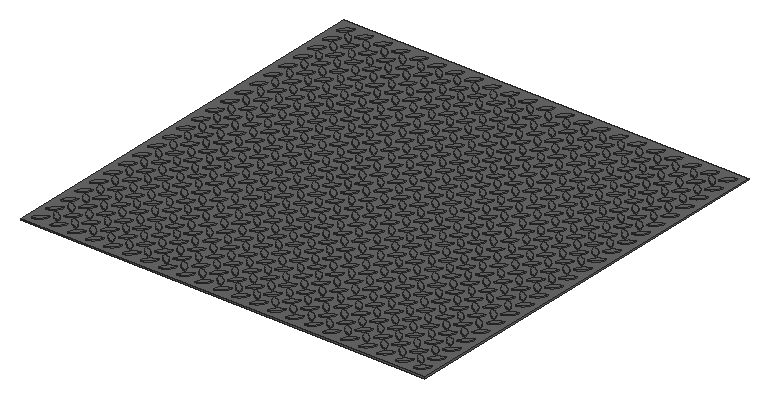
Revit family "141012021113804", category Modelos genéricos, Revit 2018 (continued)
Forms (mm)
  Blend 427, solid, material "Goma negro" <- "Material", detail levels fine
    top sketch origin (918.494, 298.945, 0) x (-0.707107, -0.707107, 0) y (0.707107, -0.707107, 0)
      loop
        arc (794.539, -290.22) -> (793.684, -289.773) -> (792.83, -290.22) r 1.041
    from 0 to 1
  Blend 428, solid, material "Goma negro" <- "Material", detail levels fine
    base sketch origin (-271.445, 710.994, 0) x (0.707107, -0.707107, 0) y (0.707107, 0.707107, 0)
      loop
        arc (792.83, -290.22) -> (787.479, -307.273) -> (792.83, -324.327) r 29.852
        arc (792.83, -324.327) -> (793.684, -324.773) -> (794.539, -324.327) r 1.041
        arc (794.539, -324.327) -> (799.889, -307.273) -> (794.539, -290.22) r 29.852
        arc (794.539, -290.22) -> (793.684, -289.773) -> (792.83, -290.22) r 1.041
    top sketch origin (-271.445, 710.994, 0) x (0.707107, -0.707107, 0) y (0.707107, 0.707107, 0)
      loop
        arc (792.83, -290.22) -> (787.479, -307.273) -> (792.83, -324.327) r 29.852
        arc (792.83, -324.327) -> (793.684, -324.773) -> (794.539, -324.327) r 1.041
        arc (794.539, -324.327) -> (799.889, -307.273) -> (794.539, -290.22) r 29.852
        arc (794.539, -290.22) -> (793.684, -289.773) -> (792.83, -290.22) r 1.041
    from 0 to 1
  Blend 429, solid, material "Goma negro" <- "Material", detail levels fine
    base sketch origin (873.494, 298.945, 0) x (-0.707107, -0.707107, 0) y (0.707107, -0.707107, 0)
      loop
        arc (792.83, -290.22) -> (787.479, -307.273) -> (792.83, -324.327) r 29.852
        arc (792.83, -324.327) -> (793.684, -324.773) -> (794.539, -324.327) r 1.041
        arc (794.539, -324.327) -> (799.889, -307.273) -> (794.539, -290.22) r 29.852
        arc (794.539, -290.22) -> (793.684, -289.773) -> (792.83, -290.22) r 1.041
    top sketch origin (873.494, 298.945, 0) x (-0.707107, -0.707107, 0) y (0.707107, -0.707107, 0)
      loop
        arc (792.83, -290.22) -> (787.479, -307.273) -> (792.83, -324.327) r 29.852
        arc (792.83, -324.327) -> (793.684, -324.773) -> (794.539, -324.327) r 1.041
        arc (794.539, -324.327) -> (799.889, -307.273) -> (794.539, -290.22) r 29.852
        arc (794.539, -290.22) -> (793.684, -289.773) -> (792.83, -290.22) r 1.041
    from 0 to 1
  Blend 430, solid, material "Goma negro" <- "Material", detail levels fine
    base sketch origin (-316.445, 710.994, 0) x (0.707107, -0.707107, 0) y (0.707107, 0.707107, 0)
      loop
        arc (792.83, -290.22) -> (787.479, -307.273) -> (792.83, -324.327) r 29.852
        arc (792.83, -324.327) -> (793.684, -324.773) -> (794.539, -324.327) r 1.041
        arc (794.539, -324.327) -> (799.889, -307.273) -> (794.539, -290.22) r 29.852
        arc (794.539, -290.22) -> (793.684, -289.773) -> (792.83, -290.22) r 1.041
    top sketch origin (-316.445, 710.994, 0) x (0.707107, -0.707107, 0) y (0.707107, 0.707107, 0)
      loop
        arc (792.83, -290.22) -> (787.479, -307.273) -> (792.83, -324.327) r 29.852
        arc (792.83, -324.327) -> (793.684, -324.773) -> (794.539, -324.327) r 1.041
        arc (794.539, -324.327) -> (799.889, -307.273) -> (794.539, -290.22) r 29.852
        arc (794.539, -290.22) -> (793.684, -289.773) -> (792.83, -290.22) r 1.041
    from 0 to 1
  Blend 431, solid, material "Goma negro" <- "Material", detail levels fine
    base sketch origin (828.494, 298.945, 0) x (-0.707107, -0.707107, 0) y (0.707107, -0.707107, 0)
      loop
        arc (792.83, -290.22) -> (787.479, -307.273) -> (792.83, -324.327) r 29.852
        arc (792.83, -324.327) -> (793.684, -324.773) -> (794.539, -324.327) r 1.041
        arc (794.539, -324.327) -> (799.889, -307.273) -> (794.539, -290.22) r 29.852
        arc (794.539, -290.22) -> (793.684, -289.773) -> (792.83, -290.22) r 1.041
    top sketch origin (828.494, 298.945, 0) x (-0.707107, -0.707107, 0) y (0.707107, -0.707107, 0)
      loop
        arc (792.83, -290.22) -> (787.479, -307.273) -> (792.83, -324.327) r 29.852
        arc (792.83, -324.327) -> (793.684, -324.773) -> (794.539, -324.327) r 1.041
        arc (794.539, -324.327) -> (799.889, -307.273) -> (794.539, -290.22) r 29.852
        arc (794.539, -290.22) -> (793.684, -289.773) -> (792.83, -290.22) r 1.041
    from 0 to 1
  Blend 432, solid, material "Goma negro" <- "Material", detail levels fine
    base sketch origin (628.555, 755.994, 0) x (0.707107, -0.707107, 0) y (0.707107, 0.707107, 0)
      loop
        arc (792.83, -290.22) -> (787.479, -307.273) -> (792.83, -324.327) r 29.852
        arc (792.83, -324.327) -> (793.684, -324.773) -> (794.539, -324.327) r 1.041
        arc (794.539, -324.327) -> (799.889, -307.273) -> (794.539, -290.22) r 29.852
        arc (794.539, -290.22) -> (793.684, -289.773) -> (792.83, -290.22) r 1.041
    top sketch origin (628.555, 755.994, 0) x (0.707107, -0.707107, 0) y (0.707107, 0.707107, 0)
      loop
        arc (792.83, -290.22) -> (787.479, -307.273) -> (792.83, -324.327) r 29.852
        arc (792.83, -324.327) -> (793.684, -324.773) -> (794.539, -324.327) r 1.041
        arc (794.539, -324.327) -> (799.889, -307.273) -> (794.539, -290.22) r 29.852
        arc (794.539, -290.22) -> (793.684, -289.773) -> (792.83, -290.22) r 1.041
    from 0 to 1
  Blend 433, solid, material "Goma negro" <- "Material", detail levels fine
    base sketch origin (583.555, 755.994, 0) x (0.707107, -0.707107, 0) y (0.707107, 0.707107, 0)
      loop
        arc (792.83, -290.22) -> (787.479, -307.273) -> (792.83, -324.327) r 29.852
        arc (792.83, -324.327) -> (793.684, -324.773) -> (794.539, -324.327) r 1.041
        arc (794.539, -324.327) -> (799.889, -307.273) -> (794.539, -290.22) r 29.852
        arc (794.539, -290.22) -> (793.684, -289.773) -> (792.83, -290.22) r 1.041
    top sketch origin (583.555, 755.994, 0) x (0.707107, -0.707107, 0) y (0.707107, 0.707107, 0)
      loop
        arc (792.83, -290.22) -> (787.479, -307.273) -> (792.83, -324.327) r 29.852
        arc (792.83, -324.327) -> (793.684, -324.773) -> (794.539, -324.327) r 1.041
        arc (794.539, -324.327) -> (799.889, -307.273) -> (794.539, -290.22) r 29.852
        arc (794.539, -290.22) -> (793.684, -289.773) -> (792.83, -290.22) r 1.041
    from 0 to 1
  Blend 434, solid, material "Goma negro" <- "Material", detail levels fine
    base sketch origin (1728.494, 343.945, 0) x (-0.707107, -0.707107, 0) y (0.707107, -0.707107, 0)
      loop
        arc (792.83, -290.22) -> (787.479, -307.273) -> (792.83, -324.327) r 29.852
        arc (792.83, -324.327) -> (793.684, -324.773) -> (794.539, -324.327) r 1.041
        arc (794.539, -324.327) -> (799.889, -307.273) -> (794.539, -290.22) r 29.852
        arc (794.539, -290.22) -> (793.684, -289.773) -> (792.83, -290.22) r 1.041
    top sketch origin (1728.494, 343.945, 0) x (-0.707107, -0.707107, 0) y (0.707107, -0.707107, 0)
      loop
        arc (792.83, -290.22) -> (787.479, -307.273) -> (792.83, -324.327) r 29.852
        arc (792.83, -324.327) -> (793.684, -324.773) -> (794.539, -324.327) r 1.041
        arc (794.539, -324.327) -> (799.889, -307.273) -> (794.539, -290.22) r 29.852
        arc (794.539, -290.22) -> (793.684, -289.773) -> (792.83, -290.22) r 1.041
    from 0 to 1
  Blend 435, solid, material "Goma negro" <- "Material", detail levels fine
    base sketch origin (538.555, 755.994, 0) x (0.707107, -0.707107, 0) y (0.707107, 0.707107, 0)
      loop
        arc (792.83, -290.22) -> (787.479, -307.273) -> (792.83, -324.327) r 29.852
        arc (792.83, -324.327) -> (793.684, -324.773) -> (794.539, -324.327) r 1.041
        arc (794.539, -324.327) -> (799.889, -307.273) -> (794.539, -290.22) r 29.852
        arc (794.539, -290.22) -> (793.684, -289.773) -> (792.83, -290.22) r 1.041
    top sketch origin (538.555, 755.994, 0) x (0.707107, -0.707107, 0) y (0.707107, 0.707107, 0)
      loop
        arc (792.83, -290.22) -> (787.479, -307.273) -> (792.83, -324.327) r 29.852
        arc (792.83, -324.327) -> (793.684, -324.773) -> (794.539, -324.327) r 1.041
        arc (794.539, -324.327) -> (799.889, -307.273) -> (794.539, -290.22) r 29.852
        arc (794.539, -290.22) -> (793.684, -289.773) -> (792.83, -290.22) r 1.041
    from 0 to 1
  Blend 436, solid, material "Goma negro" <- "Material", detail levels fine
    base sketch origin (1683.494, 343.945, 0) x (-0.707107, -0.707107, 0) y (0.707107, -0.707107, 0)
      loop
        arc (792.83, -290.22) -> (787.479, -307.273) -> (792.83, -324.327) r 29.852
        arc (792.83, -324.327) -> (793.684, -324.773) -> (794.539, -324.327) r 1.041
        arc (794.539, -324.327) -> (799.889, -307.273) -> (794.539, -290.22) r 29.852
        arc (794.539, -290.22) -> (793.684, -289.773) -> (792.83, -290.22) r 1.041
    top sketch origin (1683.494, 343.945, 0) x (-0.707107, -0.707107, 0) y (0.707107, -0.707107, 0)
      loop
        arc (792.83, -290.22) -> (787.479, -307.273) -> (792.83, -324.327) r 29.852
        arc (792.83, -324.327) -> (793.684, -324.773) -> (794.539, -324.327) r 1.041
        arc (794.539, -324.327) -> (799.889, -307.273) -> (794.539, -290.22) r 29.852
        arc (794.539, -290.22) -> (793.684, -289.773) -> (792.83, -290.22) r 1.041
    from 0 to 1
  Blend 437, solid, material "Goma negro" <- "Material", detail levels fine
    base sketch origin (493.555, 755.994, 0) x (0.707107, -0.707107, 0) y (0.707107, 0.707107, 0)
      loop
        arc (792.83, -290.22) -> (787.479, -307.273) -> (792.83, -324.327) r 29.852
        arc (792.83, -324.327) -> (793.684, -324.773) -> (794.539, -324.327) r 1.041
        arc (794.539, -324.327) -> (799.889, -307.273) -> (794.539, -290.22) r 29.852
        arc (794.539, -290.22) -> (793.684, -289.773) -> (792.83, -290.22) r 1.041
    top sketch origin (493.555, 755.994, 0) x (0.707107, -0.707107, 0) y (0.707107, 0.707107, 0)
      loop
        arc (792.83, -290.22) -> (787.479, -307.273) -> (792.83, -324.327) r 29.852
        arc (792.83, -324.327) -> (793.684, -324.773) -> (794.539, -324.327) r 1.041
        arc (794.539, -324.327) -> (799.889, -307.273) -> (794.539, -290.22) r 29.852
        arc (794.539, -290.22) -> (793.684, -289.773) -> (792.83, -290.22) r 1.041
    from 0 to 1
  Blend 438, solid, material "Goma negro" <- "Material", detail levels fine
    base sketch origin (1638.494, 343.945, 0) x (-0.707107, -0.707107, 0) y (0.707107, -0.707107, 0)
      loop
        arc (792.83, -290.22) -> (787.479, -307.273) -> (792.83, -324.327) r 29.852
        arc (792.83, -324.327) -> (793.684, -324.773) -> (794.539, -324.327) r 1.041
        arc (794.539, -324.327) -> (799.889, -307.273) -> (794.539, -290.22) r 29.852
        arc (794.539, -290.22) -> (793.684, -289.773) -> (792.83, -290.22) r 1.041
    top sketch origin (1638.494, 343.945, 0) x (-0.707107, -0.707107, 0) y (0.707107, -0.707107, 0)
      loop
        arc (792.83, -290.22) -> (787.479, -307.273) -> (792.83, -324.327) r 29.852
        arc (792.83, -324.327) -> (793.684, -324.773) -> (794.539, -324.327) r 1.041
        arc (794.539, -324.327) -> (799.889, -307.273) -> (794.539, -290.22) r 29.852
        arc (794.539, -290.22) -> (793.684, -289.773) -> (792.83, -290.22) r 1.041
    from 0 to 1
  Blend 439, solid, material "Goma negro" <- "Material", detail levels fine
    base sketch origin (448.555, 755.994, 0) x (0.707107, -0.707107, 0) y (0.707107, 0.707107, 0)
      loop
        arc (792.83, -290.22) -> (787.479, -307.273) -> (792.83, -324.327) r 29.852
        arc (792.83, -324.327) -> (793.684, -324.773) -> (794.539, -324.327) r 1.041
        arc (794.539, -324.327) -> (799.889, -307.273) -> (794.539, -290.22) r 29.852
        arc (794.539, -290.22) -> (793.684, -289.773) -> (792.83, -290.22) r 1.041
    top sketch origin (448.555, 755.994, 0) x (0.707107, -0.707107, 0) y (0.707107, 0.707107, 0)
      loop
        arc (792.83, -290.22) -> (787.479, -307.273) -> (792.83, -324.327) r 29.852
        arc (792.83, -324.327) -> (793.684, -324.773) -> (794.539, -324.327) r 1.041
        arc (794.539, -324.327) -> (799.889, -307.273) -> (794.539, -290.22) r 29.852
        arc (794.539, -290.22) -> (793.684, -289.773) -> (792.83, -290.22) r 1.041
    from 0 to 1
  Blend 440, solid, material "Goma negro" <- "Material", detail levels fine
    base sketch origin (1593.494, 343.945, 0) x (-0.707107, -0.707107, 0) y (0.707107, -0.707107, 0)
      loop
        arc (792.83, -290.22) -> (787.479, -307.273) -> (792.83, -324.327) r 29.852
        arc (792.83, -324.327) -> (793.684, -324.773) -> (794.539, -324.327) r 1.041
        arc (794.539, -324.327) -> (799.889, -307.273) -> (794.539, -290.22) r 29.852
        arc (794.539, -290.22) -> (793.684, -289.773) -> (792.83, -290.22) r 1.041
    top sketch origin (1593.494, 343.945, 0) x (-0.707107, -0.707107, 0) y (0.707107, -0.707107, 0)
      loop
        arc (792.83, -290.22) -> (787.479, -307.273) -> (792.83, -324.327) r 29.852
        arc (792.83, -324.327) -> (793.684, -324.773) -> (794.539, -324.327) r 1.041
        arc (794.539, -324.327) -> (799.889, -307.273) -> (794.539, -290.22) r 29.852
        arc (794.539, -290.22) -> (793.684, -289.773) -> (792.83, -290.22) r 1.041
    from 0 to 1
  Blend 441, solid, material "Goma negro" <- "Material", detail levels fine
    base sketch origin (403.555, 755.994, 0) x (0.707107, -0.707107, 0) y (0.707107, 0.707107, 0)
      loop
        arc (792.83, -290.22) -> (787.479, -307.273) -> (792.83, -324.327) r 29.852
        arc (792.83, -324.327) -> (793.684, -324.773) -> (794.539, -324.327) r 1.041
        arc (794.539, -324.327) -> (799.889, -307.273) -> (794.539, -290.22) r 29.852
        arc (794.539, -290.22) -> (793.684, -289.773) -> (792.83, -290.22) r 1.041
    top sketch origin (403.555, 755.994, 0) x (0.707107, -0.707107, 0) y (0.707107, 0.707107, 0)
      loop
        arc (792.83, -290.22) -> (787.479, -307.273) -> (792.83, -324.327) r 29.852
        arc (792.83, -324.327) -> (793.684, -324.773) -> (794.539, -324.327) r 1.041
        arc (794.539, -324.327) -> (799.889, -307.273) -> (794.539, -290.22) r 29.852
        arc (794.539, -290.22) -> (793.684, -289.773) -> (792.83, -290.22) r 1.041
    from 0 to 1
  Blend 442, solid, material "Goma negro" <- "Material", detail levels fine
    base sketch origin (1548.494, 343.945, 0) x (-0.707107, -0.707107, 0) y (0.707107, -0.707107, 0)
      loop
        arc (792.83, -290.22) -> (787.479, -307.273) -> (792.83, -324.327) r 29.852
        arc (792.83, -324.327) -> (793.684, -324.773) -> (794.539, -324.327) r 1.041
        arc (794.539, -324.327) -> (799.889, -307.273) -> (794.539, -290.22) r 29.852
        arc (794.539, -290.22) -> (793.684, -289.773) -> (792.83, -290.22) r 1.041
    top sketch origin (1548.494, 343.945, 0) x (-0.707107, -0.707107, 0) y (0.707107, -0.707107, 0)
      loop
        arc (792.83, -290.22) -> (787.479, -307.273) -> (792.83, -324.327) r 29.852
        arc (792.83, -324.327) -> (793.684, -324.773) -> (794.539, -324.327) r 1.041
        arc (794.539, -324.327) -> (799.889, -307.273) -> (794.539, -290.22) r 29.852
        arc (794.539, -290.22) -> (793.684, -289.773) -> (792.83, -290.22) r 1.041
    from 0 to 1
  Blend 443, solid, material "Goma negro" <- "Material", detail levels fine
    base sketch origin (358.555, 755.994, 0) x (0.707107, -0.707107, 0) y (0.707107, 0.707107, 0)
      loop
        arc (792.83, -290.22) -> (787.479, -307.273) -> (792.83, -324.327) r 29.852
        arc (792.83, -324.327) -> (793.684, -324.773) -> (794.539, -324.327) r 1.041
        arc (794.539, -324.327) -> (799.889, -307.273) -> (794.539, -290.22) r 29.852
        arc (794.539, -290.22) -> (793.684, -289.773) -> (792.83, -290.22) r 1.041
    top sketch origin (358.555, 755.994, 0) x (0.707107, -0.707107, 0) y (0.707107, 0.707107, 0)
      loop
        arc (792.83, -290.22) -> (787.479, -307.273) -> (792.83, -324.327) r 29.852
        arc (792.83, -324.327) -> (793.684, -324.773) -> (794.539, -324.327) r 1.041
        arc (794.539, -324.327) -> (799.889, -307.273) -> (794.539, -290.22) r 29.852
        arc (794.539, -290.22) -> (793.684, -289.773) -> (792.83, -290.22) r 1.041
    from 0 to 1
  Blend 444, solid, material "Goma negro" <- "Material", detail levels fine
    base sketch origin (1503.494, 343.945, 0) x (-0.707107, -0.707107, 0) y (0.707107, -0.707107, 0)
      loop
        arc (792.83, -290.22) -> (787.479, -307.273) -> (792.83, -324.327) r 29.852
        arc (792.83, -324.327) -> (793.684, -324.773) -> (794.539, -324.327) r 1.041
        arc (794.539, -324.327) -> (799.889, -307.273) -> (794.539, -290.22) r 29.852
        arc (794.539, -290.22) -> (793.684, -289.773) -> (792.83, -290.22) r 1.041
    top sketch origin (1503.494, 343.945, 0) x (-0.707107, -0.707107, 0) y (0.707107, -0.707107, 0)
      loop
        arc (792.83, -290.22) -> (787.479, -307.273) -> (792.83, -324.327) r 29.852
        arc (792.83, -324.327) -> (793.684, -324.773) -> (794.539, -324.327) r 1.041
        arc (794.539, -324.327) -> (799.889, -307.273) -> (794.539, -290.22) r 29.852
        arc (794.539, -290.22) -> (793.684, -289.773) -> (792.83, -290.22) r 1.041
    from 0 to 1
  Blend 445, solid, material "Goma negro" <- "Material", detail levels fine
    base sketch origin (313.555, 755.994, 0) x (0.707107, -0.707107, 0) y (0.707107, 0.707107, 0)
      loop
        arc (792.83, -290.22) -> (787.479, -307.273) -> (792.83, -324.327) r 29.852
        arc (792.83, -324.327) -> (793.684, -324.773) -> (794.539, -324.327) r 1.041
        arc (794.539, -324.327) -> (799.889, -307.273) -> (794.539, -290.22) r 29.852
        arc (794.539, -290.22) -> (793.684, -289.773) -> (792.83, -290.22) r 1.041
    top sketch origin (313.555, 755.994, 0) x (0.707107, -0.707107, 0) y (0.707107, 0.707107, 0)
      loop
        arc (792.83, -290.22) -> (787.479, -307.273) -> (792.83, -324.327) r 29.852
        arc (792.83, -324.327) -> (793.684, -324.773) -> (794.539, -324.327) r 1.041
        arc (794.539, -324.327) -> (799.889, -307.273) -> (794.539, -290.22) r 29.852
        arc (794.539, -290.22) -> (793.684, -289.773) -> (792.83, -290.22) r 1.041
    from 0 to 1
  Blend 446, solid, material "Goma negro" <- "Material", detail levels fine
    base sketch origin (1458.494, 343.945, 0) x (-0.707107, -0.707107, 0) y (0.707107, -0.707107, 0)
      loop
        arc (792.83, -290.22) -> (787.479, -307.273) -> (792.83, -324.327) r 29.852
        arc (792.83, -324.327) -> (793.684, -324.773) -> (794.539, -324.327) r 1.041
        arc (794.539, -324.327) -> (799.889, -307.273) -> (794.539, -290.22) r 29.852
        arc (794.539, -290.22) -> (793.684, -289.773) -> (792.83, -290.22) r 1.041
    top sketch origin (1458.494, 343.945, 0) x (-0.707107, -0.707107, 0) y (0.707107, -0.707107, 0)
      loop
        arc (792.83, -290.22) -> (787.479, -307.273) -> (792.83, -324.327) r 29.852
        arc (792.83, -324.327) -> (793.684, -324.773) -> (794.539, -324.327) r 1.041
        arc (794.539, -324.327) -> (799.889, -307.273) -> (794.539, -290.22) r 29.852
        arc (794.539, -290.22) -> (793.684, -289.773) -> (792.83, -290.22) r 1.041
    from 0 to 1
  Blend 447, solid, material "Goma negro" <- "Material", detail levels fine
    base sketch origin (268.555, 755.994, 0) x (0.707107, -0.707107, 0) y (0.707107, 0.707107, 0)
      loop
        arc (792.83, -290.22) -> (787.479, -307.273) -> (792.83, -324.327) r 29.852
        arc (792.83, -324.327) -> (793.684, -324.773) -> (794.539, -324.327) r 1.041
        arc (794.539, -324.327) -> (799.889, -307.273) -> (794.539, -290.22) r 29.852
        arc (794.539, -290.22) -> (793.684, -289.773) -> (792.83, -290.22) r 1.041
    top sketch origin (268.555, 755.994, 0) x (0.707107, -0.707107, 0) y (0.707107, 0.707107, 0)
      loop
        arc (792.83, -290.22) -> (787.479, -307.273) -> (792.83, -324.327) r 29.852
        arc (792.83, -324.327) -> (793.684, -324.773) -> (794.539, -324.327) r 1.041
        arc (794.539, -324.327) -> (799.889, -307.273) -> (794.539, -290.22) r 29.852
        arc (794.539, -290.22) -> (793.684, -289.773) -> (792.83, -290.22) r 1.041
    from 0 to 1
  Blend 448, solid, material "Goma negro" <- "Material", detail levels fine
    base sketch origin (1413.494, 343.945, 0) x (-0.707107, -0.707107, 0) y (0.707107, -0.707107, 0)
      loop
        arc (792.83, -290.22) -> (787.479, -307.273) -> (792.83, -324.327) r 29.852
        arc (792.83, -324.327) -> (793.684, -324.773) -> (794.539, -324.327) r 1.041
        arc (794.539, -324.327) -> (799.889, -307.273) -> (794.539, -290.22) r 29.852
        arc (794.539, -290.22) -> (793.684, -289.773) -> (792.83, -290.22) r 1.041
    top sketch origin (1413.494, 343.945, 0) x (-0.707107, -0.707107, 0) y (0.707107, -0.707107, 0)
      loop
        arc (792.83, -290.22) -> (787.479, -307.273) -> (792.83, -324.327) r 29.852
        arc (792.83, -324.327) -> (793.684, -324.773) -> (794.539, -324.327) r 1.041
        arc (794.539, -324.327) -> (799.889, -307.273) -> (794.539, -290.22) r 29.852
        arc (794.539, -290.22) -> (793.684, -289.773) -> (792.83, -290.22) r 1.041
    from 0 to 1
  Blend 449, solid, material "Goma negro" <- "Material", detail levels fine
    base sketch origin (223.555, 755.994, 0) x (0.707107, -0.707107, 0) y (0.707107, 0.707107, 0)
      loop
        arc (792.83, -290.22) -> (787.479, -307.273) -> (792.83, -324.327) r 29.852
        arc (792.83, -324.327) -> (793.684, -324.773) -> (794.539, -324.327) r 1.041
        arc (794.539, -324.327) -> (799.889, -307.273) -> (794.539, -290.22) r 29.852
        arc (794.539, -290.22) -> (793.684, -289.773) -> (792.83, -290.22) r 1.041
    top sketch origin (223.555, 755.994, 0) x (0.707107, -0.707107, 0) y (0.707107, 0.707107, 0)
      loop
        arc (792.83, -290.22) -> (787.479, -307.273) -> (792.83, -324.327) r 29.852
        arc (792.83, -324.327) -> (793.684, -324.773) -> (794.539, -324.327) r 1.041
        arc (794.539, -324.327) -> (799.889, -307.273) -> (794.539, -290.22) r 29.852
        arc (794.539, -290.22) -> (793.684, -289.773) -> (792.83, -290.22) r 1.041
    from 0 to 1
  Blend 450, solid, material "Goma negro" <- "Material", detail levels fine
    base sketch origin (1368.494, 343.945, 0) x (-0.707107, -0.707107, 0) y (0.707107, -0.707107, 0)
      loop
        arc (792.83, -290.22) -> (787.479, -307.273) -> (792.83, -324.327) r 29.852
        arc (792.83, -324.327) -> (793.684, -324.773) -> (794.539, -324.327) r 1.041
        arc (794.539, -324.327) -> (799.889, -307.273) -> (794.539, -290.22) r 29.852
        arc (794.539, -290.22) -> (793.684, -289.773) -> (792.83, -290.22) r 1.041
    top sketch origin (1368.494, 343.945, 0) x (-0.707107, -0.707107, 0) y (0.707107, -0.707107, 0)
      loop
        arc (792.83, -290.22) -> (787.479, -307.273) -> (792.83, -324.327) r 29.852
        arc (792.83, -324.327) -> (793.684, -324.773) -> (794.539, -324.327) r 1.041
        arc (794.539, -324.327) -> (799.889, -307.273) -> (794.539, -290.22) r 29.852
        arc (794.539, -290.22) -> (793.684, -289.773) -> (792.83, -290.22) r 1.041
    from 0 to 1
  Blend 451, solid, material "Goma negro" <- "Material", detail levels fine
    base sketch origin (178.555, 755.994, 0) x (0.707107, -0.707107, 0) y (0.707107, 0.707107, 0)
      loop
        arc (792.83, -290.22) -> (787.479, -307.273) -> (792.83, -324.327) r 29.852
        arc (792.83, -324.327) -> (793.684, -324.773) -> (794.539, -324.327) r 1.041
        arc (794.539, -324.327) -> (799.889, -307.273) -> (794.539, -290.22) r 29.852
        arc (794.539, -290.22) -> (793.684, -289.773) -> (792.83, -290.22) r 1.041
    top sketch origin (178.555, 755.994, 0) x (0.707107, -0.707107, 0) y (0.707107, 0.707107, 0)
      loop
        arc (792.83, -290.22) -> (787.479, -307.273) -> (792.83, -324.327) r 29.852
        arc (792.83, -324.327) -> (793.684, -324.773) -> (794.539, -324.327) r 1.041
        arc (794.539, -324.327) -> (799.889, -307.273) -> (794.539, -290.22) r 29.852
        arc (794.539, -290.22) -> (793.684, -289.773) -> (792.83, -290.22) r 1.041
    from 0 to 1
  Blend 452, solid, material "Goma negro" <- "Material", detail levels fine
    base sketch origin (1323.494, 343.945, 0) x (-0.707107, -0.707107, 0) y (0.707107, -0.707107, 0)
      loop
        arc (792.83, -290.22) -> (787.479, -307.273) -> (792.83, -324.327) r 29.852
        arc (792.83, -324.327) -> (793.684, -324.773) -> (794.539, -324.327) r 1.041
        arc (794.539, -324.327) -> (799.889, -307.273) -> (794.539, -290.22) r 29.852
        arc (794.539, -290.22) -> (793.684, -289.773) -> (792.83, -290.22) r 1.041
    top sketch origin (1323.494, 343.945, 0) x (-0.707107, -0.707107, 0) y (0.707107, -0.707107, 0)
      loop
        arc (792.83, -290.22) -> (787.479, -307.273) -> (792.83, -324.327) r 29.852
        arc (792.83, -324.327) -> (793.684, -324.773) -> (794.539, -324.327) r 1.041
        arc (794.539, -324.327) -> (799.889, -307.273) -> (794.539, -290.22) r 29.852
        arc (794.539, -290.22) -> (793.684, -289.773) -> (792.83, -290.22) r 1.041
    from 0 to 1
  Blend 453, solid, material "Goma negro" <- "Material", detail levels fine
    base sketch origin (133.555, 755.994, 0) x (0.707107, -0.707107, 0) y (0.707107, 0.707107, 0)
      loop
        arc (792.83, -290.22) -> (787.479, -307.273) -> (792.83, -324.327) r 29.852
        arc (792.83, -324.327) -> (793.684, -324.773) -> (794.539, -324.327) r 1.041
        arc (794.539, -324.327) -> (799.889, -307.273) -> (794.539, -290.22) r 29.852
        arc (794.539, -290.22) -> (793.684, -289.773) -> (792.83, -290.22) r 1.041
    top sketch origin (133.555, 755.994, 0) x (0.707107, -0.707107, 0) y (0.707107, 0.707107, 0)
      loop
        arc (792.83, -290.22) -> (787.479, -307.273) -> (792.83, -324.327) r 29.852
        arc (792.83, -324.327) -> (793.684, -324.773) -> (794.539, -324.327) r 1.041
        arc (794.539, -324.327) -> (799.889, -307.273) -> (794.539, -290.22) r 29.852
        arc (794.539, -290.22) -> (793.684, -289.773) -> (792.83, -290.22) r 1.041
    from 0 to 1
  Blend 454, solid, material "Goma negro" <- "Material", detail levels fine
    base sketch origin (1278.494, 343.945, 0) x (-0.707107, -0.707107, 0) y (0.707107, -0.707107, 0)
      loop
        arc (792.83, -290.22) -> (787.479, -307.273) -> (792.83, -324.327) r 29.852
        arc (792.83, -324.327) -> (793.684, -324.773) -> (794.539, -324.327) r 1.041
        arc (794.539, -324.327) -> (799.889, -307.273) -> (794.539, -290.22) r 29.852
        arc (794.539, -290.22) -> (793.684, -289.773) -> (792.83, -290.22) r 1.041
    top sketch origin (1278.494, 343.945, 0) x (-0.707107, -0.707107, 0) y (0.707107, -0.707107, 0)
      loop
        arc (792.83, -290.22) -> (787.479, -307.273) -> (792.83, -324.327) r 29.852
        arc (792.83, -324.327) -> (793.684, -324.773) -> (794.539, -324.327) r 1.041
        arc (794.539, -324.327) -> (799.889, -307.273) -> (794.539, -290.22) r 29.852
        arc (794.539, -290.22) -> (793.684, -289.773) -> (792.83, -290.22) r 1.041
    from 0 to 1
  Blend 455, solid, material "Goma negro" <- "Material", detail levels fine
    base sketch origin (88.555, 755.994, 0) x (0.707107, -0.707107, 0) y (0.707107, 0.707107, 0)
      loop
        arc (792.83, -290.22) -> (787.479, -307.273) -> (792.83, -324.327) r 29.852
        arc (792.83, -324.327) -> (793.684, -324.773) -> (794.539, -324.327) r 1.041
        arc (794.539, -324.327) -> (799.889, -307.273) -> (794.539, -290.22) r 29.852
        arc (794.539, -290.22) -> (793.684, -289.773) -> (792.83, -290.22) r 1.041
    top sketch origin (88.555, 755.994, 0) x (0.707107, -0.707107, 0) y (0.707107, 0.707107, 0)
      loop
        arc (792.83, -290.22) -> (787.479, -307.273) -> (792.83, -324.327) r 29.852
        arc (792.83, -324.327) -> (793.684, -324.773) -> (794.539, -324.327) r 1.041
        arc (794.539, -324.327) -> (799.889, -307.273) -> (794.539, -290.22) r 29.852
        arc (794.539, -290.22) -> (793.684, -289.773) -> (792.83, -290.22) r 1.041
    from 0 to 1
  Blend 456, solid, material "Goma negro" <- "Material", detail levels fine
    base sketch origin (1233.494, 343.945, 0) x (-0.707107, -0.707107, 0) y (0.707107, -0.707107, 0)
      loop
        arc (792.83, -290.22) -> (787.479, -307.273) -> (792.83, -324.327) r 29.852
        arc (792.83, -324.327) -> (793.684, -324.773) -> (794.539, -324.327) r 1.041
        arc (794.539, -324.327) -> (799.889, -307.273) -> (794.539, -290.22) r 29.852
        arc (794.539, -290.22) -> (793.684, -289.773) -> (792.83, -290.22) r 1.041
    top sketch origin (1233.494, 343.945, 0) x (-0.707107, -0.707107, 0) y (0.707107, -0.707107, 0)
      loop
        arc (792.83, -290.22) -> (787.479, -307.273) -> (792.83, -324.327) r 29.852
        arc (792.83, -324.327) -> (793.684, -324.773) -> (794.539, -324.327) r 1.041
        arc (794.539, -324.327) -> (799.889, -307.273) -> (794.539, -290.22) r 29.852
        arc (794.539, -290.22) -> (793.684, -289.773) -> (792.83, -290.22) r 1.041
    from 0 to 1
  Blend 457, solid, material "Goma negro" <- "Material", detail levels fine
    base sketch origin (43.555, 755.994, 0) x (0.707107, -0.707107, 0) y (0.707107, 0.707107, 0)
      loop
        arc (792.83, -290.22) -> (787.479, -307.273) -> (792.83, -324.327) r 29.852
        arc (792.83, -324.327) -> (793.684, -324.773) -> (794.539, -324.327) r 1.041
        arc (794.539, -324.327) -> (799.889, -307.273) -> (794.539, -290.22) r 29.852
        arc (794.539, -290.22) -> (793.684, -289.773) -> (792.83, -290.22) r 1.041
    top sketch origin (43.555, 755.994, 0) x (0.707107, -0.707107, 0) y (0.707107, 0.707107, 0)
      loop
        arc (792.83, -290.22) -> (787.479, -307.273) -> (792.83, -324.327) r 29.852
        arc (792.83, -324.327) -> (793.684, -324.773) -> (794.539, -324.327) r 1.041
        arc (794.539, -324.327) -> (799.889, -307.273) -> (794.539, -290.22) r 29.852
        arc (794.539, -290.22) -> (793.684, -289.773) -> (792.83, -290.22) r 1.041
    from 0 to 1
  Blend 458, solid, material "Goma negro" <- "Material", detail levels fine
    base sketch origin (1188.494, 343.945, 0) x (-0.707107, -0.707107, 0) y (0.707107, -0.707107, 0)
      loop
        arc (792.83, -290.22) -> (787.479, -307.273) -> (792.83, -324.327) r 29.852
        arc (792.83, -324.327) -> (793.684, -324.773) -> (794.539, -324.327) r 1.041
        arc (794.539, -324.327) -> (799.889, -307.273) -> (794.539, -290.22) r 29.852
        arc (794.539, -290.22) -> (793.684, -289.773) -> (792.83, -290.22) r 1.041
    top sketch origin (1188.494, 343.945, 0) x (-0.707107, -0.707107, 0) y (0.707107, -0.707107, 0)
      loop
        arc (792.83, -290.22) -> (787.479, -307.273) -> (792.83, -324.327) r 29.852
        arc (792.83, -324.327) -> (793.684, -324.773) -> (794.539, -324.327) r 1.041
        arc (794.539, -324.327) -> (799.889, -307.273) -> (794.539, -290.22) r 29.852
        arc (794.539, -290.22) -> (793.684, -289.773) -> (792.83, -290.22) r 1.041
    from 0 to 1
  Blend 459, solid, material "Goma negro" <- "Material", detail levels fine
    base sketch origin (-1.445, 755.994, 0) x (0.707107, -0.707107, 0) y (0.707107, 0.707107, 0)
      loop
        arc (792.83, -290.22) -> (787.479, -307.273) -> (792.83, -324.327) r 29.852
        arc (792.83, -324.327) -> (793.684, -324.773) -> (794.539, -324.327) r 1.041
        arc (794.539, -324.327) -> (799.889, -307.273) -> (794.539, -290.22) r 29.852
        arc (794.539, -290.22) -> (793.684, -289.773) -> (792.83, -290.22) r 1.041
    top sketch origin (-1.445, 755.994, 0) x (0.707107, -0.707107, 0) y (0.707107, 0.707107, 0)
      loop
        arc (792.83, -290.22) -> (787.479, -307.273) -> (792.83, -324.327) r 29.852
        arc (792.83, -324.327) -> (793.684, -324.773) -> (794.539, -324.327) r 1.041
        arc (794.539, -324.327) -> (799.889, -307.273) -> (794.539, -290.22) r 29.852
        arc (794.539, -290.22) -> (793.684, -289.773) -> (792.83, -290.22) r 1.041
    from 0 to 1
  Blend 460, solid, material "Goma negro" <- "Material", detail levels fine
    base sketch origin (1143.494, 343.945, 0) x (-0.707107, -0.707107, 0) y (0.707107, -0.707107, 0)
      loop
        arc (792.83, -290.22) -> (787.479, -307.273) -> (792.83, -324.327) r 29.852
        arc (792.83, -324.327) -> (793.684, -324.773) -> (794.539, -324.327) r 1.041
        arc (794.539, -324.327) -> (799.889, -307.273) -> (794.539, -290.22) r 29.852
        arc (794.539, -290.22) -> (793.684, -289.773) -> (792.83, -290.22) r 1.041
    top sketch origin (1143.494, 343.945, 0) x (-0.707107, -0.707107, 0) y (0.707107, -0.707107, 0)
      loop
        arc (792.83, -290.22) -> (787.479, -307.273) -> (792.83, -324.327) r 29.852
        arc (792.83, -324.327) -> (793.684, -324.773) -> (794.539, -324.327) r 1.041
        arc (794.539, -324.327) -> (799.889, -307.273) -> (794.539, -290.22) r 29.852
        arc (794.539, -290.22) -> (793.684, -289.773) -> (792.83, -290.22) r 1.041
    from 0 to 1
  Blend 461, solid, material "Goma negro" <- "Material", detail levels fine
    base sketch origin (-46.445, 755.994, 0) x (0.707107, -0.707107, 0) y (0.707107, 0.707107, 0)
      loop
        arc (792.83, -290.22) -> (787.479, -307.273) -> (792.83, -324.327) r 29.852
        arc (792.83, -324.327) -> (793.684, -324.773) -> (794.539, -324.327) r 1.041
        arc (794.539, -324.327) -> (799.889, -307.273) -> (794.539, -290.22) r 29.852
        arc (794.539, -290.22) -> (793.684, -289.773) -> (792.83, -290.22) r 1.041
    top sketch origin (-46.445, 755.994, 0) x (0.707107, -0.707107, 0) y (0.707107, 0.707107, 0)
      loop
        arc (792.83, -290.22) -> (787.479, -307.273) -> (792.83, -324.327) r 29.852
        arc (792.83, -324.327) -> (793.684, -324.773) -> (794.539, -324.327) r 1.041
        arc (794.539, -324.327) -> (799.889, -307.273) -> (794.539, -290.22) r 29.852
        arc (794.539, -290.22) -> (793.684, -289.773) -> (792.83, -290.22) r 1.041
    from 0 to 1
  Blend 462, solid, material "Goma negro" <- "Material", detail levels fine
    base sketch origin (1098.494, 343.945, 0) x (-0.707107, -0.707107, 0) y (0.707107, -0.707107, 0)
      loop
        arc (792.83, -290.22) -> (787.479, -307.273) -> (792.83, -324.327) r 29.852
        arc (792.83, -324.327) -> (793.684, -324.773) -> (794.539, -324.327) r 1.041
        arc (794.539, -324.327) -> (799.889, -307.273) -> (794.539, -290.22) r 29.852
        arc (794.539, -290.22) -> (793.684, -289.773) -> (792.83, -290.22) r 1.041
    top sketch origin (1098.494, 343.945, 0) x (-0.707107, -0.707107, 0) y (0.707107, -0.707107, 0)
      loop
        arc (792.83, -290.22) -> (787.479, -307.273) -> (792.83, -324.327) r 29.852
        arc (792.83, -324.327) -> (793.684, -324.773) -> (794.539, -324.327) r 1.041
        arc (794.539, -324.327) -> (799.889, -307.273) -> (794.539, -290.22) r 29.852
        arc (794.539, -290.22) -> (793.684, -289.773) -> (792.83, -290.22) r 1.041
    from 0 to 1
  Blend 463, solid, material "Goma negro" <- "Material", detail levels fine
    base sketch origin (-91.445, 755.994, 0) x (0.707107, -0.707107, 0) y (0.707107, 0.707107, 0)
      loop
        arc (792.83, -290.22) -> (787.479, -307.273) -> (792.83, -324.327) r 29.852
        arc (792.83, -324.327) -> (793.684, -324.773) -> (794.539, -324.327) r 1.041
        arc (794.539, -324.327) -> (799.889, -307.273) -> (794.539, -290.22) r 29.852
        arc (794.539, -290.22) -> (793.684, -289.773) -> (792.83, -290.22) r 1.041
    top sketch origin (-91.445, 755.994, 0) x (0.707107, -0.707107, 0) y (0.707107, 0.707107, 0)
      loop
        arc (792.83, -290.22) -> (787.479, -307.273) -> (792.83, -324.327) r 29.852
        arc (792.83, -324.327) -> (793.684, -324.773) -> (794.539, -324.327) r 1.041
        arc (794.539, -324.327) -> (799.889, -307.273) -> (794.539, -290.22) r 29.852
        arc (794.539, -290.22) -> (793.684, -289.773) -> (792.83, -290.22) r 1.041
    from 0 to 1
  Blend 464, solid, material "Goma negro" <- "Material", detail levels fine
    base sketch origin (1053.494, 343.945, 0) x (-0.707107, -0.707107, 0) y (0.707107, -0.707107, 0)
      loop
        arc (792.83, -290.22) -> (787.479, -307.273) -> (792.83, -324.327) r 29.852
        arc (792.83, -324.327) -> (793.684, -324.773) -> (794.539, -324.327) r 1.041
        arc (794.539, -324.327) -> (799.889, -307.273) -> (794.539, -290.22) r 29.852
        arc (794.539, -290.22) -> (793.684, -289.773) -> (792.83, -290.22) r 1.041
    top sketch origin (1053.494, 343.945, 0) x (-0.707107, -0.707107, 0) y (0.707107, -0.707107, 0)
      loop
        arc (792.83, -290.22) -> (787.479, -307.273) -> (792.83, -324.327) r 29.852
        arc (792.83, -324.327) -> (793.684, -324.773) -> (794.539, -324.327) r 1.041
        arc (794.539, -324.327) -> (799.889, -307.273) -> (794.539, -290.22) r 29.852
        arc (794.539, -290.22) -> (793.684, -289.773) -> (792.83, -290.22) r 1.041
    from 0 to 1
  Blend 465, solid, material "Goma negro" <- "Material", detail levels fine
    base sketch origin (-136.445, 755.994, 0) x (0.707107, -0.707107, 0) y (0.707107, 0.707107, 0)
      loop
        arc (792.83, -290.22) -> (787.479, -307.273) -> (792.83, -324.327) r 29.852
        arc (792.83, -324.327) -> (793.684, -324.773) -> (794.539, -324.327) r 1.041
        arc (794.539, -324.327) -> (799.889, -307.273) -> (794.539, -290.22) r 29.852
        arc (794.539, -290.22) -> (793.684, -289.773) -> (792.83, -290.22) r 1.041
    top sketch origin (-136.445, 755.994, 0) x (0.707107, -0.707107, 0) y (0.707107, 0.707107, 0)
      loop
        arc (792.83, -290.22) -> (787.479, -307.273) -> (792.83, -324.327) r 29.852
        arc (792.83, -324.327) -> (793.684, -324.773) -> (794.539, -324.327) r 1.041
        arc (794.539, -324.327) -> (799.889, -307.273) -> (794.539, -290.22) r 29.852
        arc (794.539, -290.22) -> (793.684, -289.773) -> (792.83, -290.22) r 1.041
    from 0 to 1
  Blend 466, solid, material "Goma negro" <- "Material", detail levels fine
    base sketch origin (1008.494, 343.945, 0) x (-0.707107, -0.707107, 0) y (0.707107, -0.707107, 0)
      loop
        arc (792.83, -290.22) -> (787.479, -307.273) -> (792.83, -324.327) r 29.852
        arc (792.83, -324.327) -> (793.684, -324.773) -> (794.539, -324.327) r 1.041
        arc (794.539, -324.327) -> (799.889, -307.273) -> (794.539, -290.22) r 29.852
        arc (794.539, -290.22) -> (793.684, -289.773) -> (792.83, -290.22) r 1.041
    top sketch origin (1008.494, 343.945, 0) x (-0.707107, -0.707107, 0) y (0.707107, -0.707107, 0)
      loop
        arc (792.83, -290.22) -> (787.479, -307.273) -> (792.83, -324.327) r 29.852
        arc (792.83, -324.327) -> (793.684, -324.773) -> (794.539, -324.327) r 1.041
        arc (794.539, -324.327) -> (799.889, -307.273) -> (794.539, -290.22) r 29.852
        arc (794.539, -290.22) -> (793.684, -289.773) -> (792.83, -290.22) r 1.041
    from 0 to 1
  Blend 467, solid, material "Goma negro" <- "Material", detail levels fine
    base sketch origin (-181.445, 755.994, 0) x (0.707107, -0.707107, 0) y (0.707107, 0.707107, 0)
      loop
        arc (792.83, -290.22) -> (787.479, -307.273) -> (792.83, -324.327) r 29.852
        arc (792.83, -324.327) -> (793.684, -324.773) -> (794.539, -324.327) r 1.041
        arc (794.539, -324.327) -> (799.889, -307.273) -> (794.539, -290.22) r 29.852
        arc (794.539, -290.22) -> (793.684, -289.773) -> (792.83, -290.22) r 1.041
    top sketch origin (-181.445, 755.994, 0) x (0.707107, -0.707107, 0) y (0.707107, 0.707107, 0)
      loop
        arc (792.83, -290.22) -> (787.479, -307.273) -> (792.83, -324.327) r 29.852
        arc (792.83, -324.327) -> (793.684, -324.773) -> (794.539, -324.327) r 1.041
        arc (794.539, -324.327) -> (799.889, -307.273) -> (794.539, -290.22) r 29.852
        arc (794.539, -290.22) -> (793.684, -289.773) -> (792.83, -290.22) r 1.041
    from 0 to 1
  Blend 468, solid, material "Goma negro" <- "Material", detail levels fine
    base sketch origin (963.494, 343.945, 0) x (-0.707107, -0.707107, 0) y (0.707107, -0.707107, 0)
      loop
        arc (792.83, -290.22) -> (787.479, -307.273) -> (792.83, -324.327) r 29.852
        arc (792.83, -324.327) -> (793.684, -324.773) -> (794.539, -324.327) r 1.041
        arc (794.539, -324.327) -> (799.889, -307.273) -> (794.539, -290.22) r 29.852
        arc (794.539, -290.22) -> (793.684, -289.773) -> (792.83, -290.22) r 1.041
    top sketch origin (963.494, 343.945, 0) x (-0.707107, -0.707107, 0) y (0.707107, -0.707107, 0)
      loop
        arc (792.83, -290.22) -> (787.479, -307.273) -> (792.83, -324.327) r 29.852
        arc (792.83, -324.327) -> (793.684, -324.773) -> (794.539, -324.327) r 1.041
        arc (794.539, -324.327) -> (799.889, -307.273) -> (794.539, -290.22) r 29.852
        arc (794.539, -290.22) -> (793.684, -289.773) -> (792.83, -290.22) r 1.041
    from 0 to 1
  Blend 469, solid, material "Goma negro" <- "Material", detail levels fine
    base sketch origin (-226.445, 755.994, 0) x (0.707107, -0.707107, 0) y (0.707107, 0.707107, 0)
      loop
        arc (792.83, -290.22) -> (787.479, -307.273) -> (792.83, -324.327) r 29.852
        arc (792.83, -324.327) -> (793.684, -324.773) -> (794.539, -324.327) r 1.041
        arc (794.539, -324.327) -> (799.889, -307.273) -> (794.539, -290.22) r 29.852
        arc (794.539, -290.22) -> (793.684, -289.773) -> (792.83, -290.22) r 1.041
    top sketch origin (-226.445, 755.994, 0) x (0.707107, -0.707107, 0) y (0.707107, 0.707107, 0)
      loop
        arc (792.83, -290.22) -> (787.479, -307.273) -> (792.83, -324.327) r 29.852
        arc (792.83, -324.327) -> (793.684, -324.773) -> (794.539, -324.327) r 1.041
        arc (794.539, -324.327) -> (799.889, -307.273) -> (794.539, -290.22) r 29.852
        arc (794.539, -290.22) -> (793.684, -289.773) -> (792.83, -290.22) r 1.041
    from 0 to 1
  Blend 470, solid, material "Goma negro" <- "Material", detail levels fine
    base sketch origin (918.494, 343.945, 0) x (-0.707107, -0.707107, 0) y (0.707107, -0.707107, 0)
      loop
        arc (792.83, -290.22) -> (787.479, -307.273) -> (792.83, -324.327) r 29.852
        arc (792.83, -324.327) -> (793.684, -324.773) -> (794.539, -324.327) r 1.041
        arc (794.539, -324.327) -> (799.889, -307.273) -> (794.539, -290.22) r 29.852
        arc (794.539, -290.22) -> (793.684, -289.773) -> (792.83, -290.22) r 1.041
    top sketch origin (918.494, 343.945, 0) x (-0.707107, -0.707107, 0) y (0.707107, -0.707107, 0)
      loop
        arc (792.83, -290.22) -> (787.479, -307.273) -> (792.83, -324.327) r 29.852
        arc (792.83, -324.327) -> (793.684, -324.773) -> (794.539, -324.327) r 1.041
        arc (794.539, -324.327) -> (799.889, -307.273) -> (794.539, -290.22) r 29.852
        arc (794.539, -290.22) -> (793.684, -289.773) -> (792.83, -290.22) r 1.041
    from 0 to 1
  Blend 471, solid, material "Goma negro" <- "Material", detail levels fine
    base sketch origin (-271.445, 755.994, 0) x (0.707107, -0.707107, 0) y (0.707107, 0.707107, 0)
      loop
        arc (792.83, -290.22) -> (787.479, -307.273) -> (792.83, -324.327) r 29.852
        arc (792.83, -324.327) -> (793.684, -324.773) -> (794.539, -324.327) r 1.041
        arc (794.539, -324.327) -> (799.889, -307.273) -> (794.539, -290.22) r 29.852
        arc (794.539, -290.22) -> (793.684, -289.773) -> (792.83, -290.22) r 1.041
    top sketch origin (-271.445, 755.994, 0) x (0.707107, -0.707107, 0) y (0.707107, 0.707107, 0)
      loop
        arc (792.83, -290.22) -> (787.479, -307.273) -> (792.83, -324.327) r 29.852
        arc (792.83, -324.327) -> (793.684, -324.773) -> (794.539, -324.327) r 1.041
        arc (794.539, -324.327) -> (799.889, -307.273) -> (794.539, -290.22) r 29.852
        arc (794.539, -290.22) -> (793.684, -289.773) -> (792.83, -290.22) r 1.041
    from 0 to 1
  Blend 472, solid, material "Goma negro" <- "Material", detail levels fine
    base sketch origin (873.494, 343.945, 0) x (-0.707107, -0.707107, 0) y (0.707107, -0.707107, 0)
      loop
        arc (792.83, -290.22) -> (787.479, -307.273) -> (792.83, -324.327) r 29.852
        arc (792.83, -324.327) -> (793.684, -324.773) -> (794.539, -324.327) r 1.041
        arc (794.539, -324.327) -> (799.889, -307.273) -> (794.539, -290.22) r 29.852
        arc (794.539, -290.22) -> (793.684, -289.773) -> (792.83, -290.22) r 1.041
    top sketch origin (873.494, 343.945, 0) x (-0.707107, -0.707107, 0) y (0.707107, -0.707107, 0)
      loop
        arc (792.83, -290.22) -> (787.479, -307.273) -> (792.83, -324.327) r 29.852
        arc (792.83, -324.327) -> (793.684, -324.773) -> (794.539, -324.327) r 1.041
        arc (794.539, -324.327) -> (799.889, -307.273) -> (794.539, -290.22) r 29.852
        arc (794.539, -290.22) -> (793.684, -289.773) -> (792.83, -290.22) r 1.041
    from 0 to 1
  Blend 473, solid, material "Goma negro" <- "Material", detail levels fine
    base sketch origin (-316.445, 755.994, 0) x (0.707107, -0.707107, 0) y (0.707107, 0.707107, 0)
      loop
        arc (792.83, -290.22) -> (787.479, -307.273) -> (792.83, -324.327) r 29.852
        arc (792.83, -324.327) -> (793.684, -324.773) -> (794.539, -324.327) r 1.041
        arc (794.539, -324.327) -> (799.889, -307.273) -> (794.539, -290.22) r 29.852
        arc (794.539, -290.22) -> (793.684, -289.773) -> (792.83, -290.22) r 1.041
    top sketch origin (-316.445, 755.994, 0) x (0.707107, -0.707107, 0) y (0.707107, 0.707107, 0)
      loop
        arc (792.83, -290.22) -> (787.479, -307.273) -> (792.83, -324.327) r 29.852
        arc (792.83, -324.327) -> (793.684, -324.773) -> (794.539, -324.327) r 1.041
        arc (794.539, -324.327) -> (799.889, -307.273) -> (794.539, -290.22) r 29.852
        arc (794.539, -290.22) -> (793.684, -289.773) -> (792.83, -290.22) r 1.041
    from 0 to 1
  Blend 474, solid, material "Goma negro" <- "Material", detail levels fine
    base sketch origin (828.494, 343.945, 0) x (-0.707107, -0.707107, 0) y (0.707107, -0.707107, 0)
      loop
        arc (792.83, -290.22) -> (787.479, -307.273) -> (792.83, -324.327) r 29.852
        arc (792.83, -324.327) -> (793.684, -324.773) -> (794.539, -324.327) r 1.041
        arc (794.539, -324.327) -> (799.889, -307.273) -> (794.539, -290.22) r 29.852
        arc (794.539, -290.22) -> (793.684, -289.773) -> (792.83, -290.22) r 1.041
    top sketch origin (828.494, 343.945, 0) x (-0.707107, -0.707107, 0) y (0.707107, -0.707107, 0)
      loop
        arc (792.83, -290.22) -> (787.479, -307.273) -> (792.83, -324.327) r 29.852
        arc (792.83, -324.327) -> (793.684, -324.773) -> (794.539, -324.327) r 1.041
        arc (794.539, -324.327) -> (799.889, -307.273) -> (794.539, -290.22) r 29.852
        arc (794.539, -290.22) -> (793.684, -289.773) -> (792.83, -290.22) r 1.041
    from 0 to 1
  Blend 475, solid, material "Goma negro" <- "Material", detail levels fine
    base sketch origin (628.555, 800.994, 0) x (0.707107, -0.707107, 0) y (0.707107, 0.707107, 0)
      loop
        arc (792.83, -290.22) -> (787.479, -307.273) -> (792.83, -324.327) r 29.852
        arc (792.83, -324.327) -> (793.684, -324.773) -> (794.539, -324.327) r 1.041
        arc (794.539, -324.327) -> (799.889, -307.273) -> (794.539, -290.22) r 29.852
        arc (794.539, -290.22) -> (793.684, -289.773) -> (792.83, -290.22) r 1.041
    top sketch origin (628.555, 800.994, 0) x (0.707107, -0.707107, 0) y (0.707107, 0.707107, 0)
      loop
        arc (792.83, -290.22) -> (787.479, -307.273) -> (792.83, -324.327) r 29.852
        arc (792.83, -324.327) -> (793.684, -324.773) -> (794.539, -324.327) r 1.041
        arc (794.539, -324.327) -> (799.889, -307.273) -> (794.539, -290.22) r 29.852
        arc (794.539, -290.22) -> (793.684, -289.773) -> (792.83, -290.22) r 1.041
    from 0 to 1
  Blend 476, solid, material "Goma negro" <- "Material", detail levels fine
    base sketch origin (583.555, 800.994, 0) x (0.707107, -0.707107, 0) y (0.707107, 0.707107, 0)
      loop
        arc (792.83, -290.22) -> (787.479, -307.273) -> (792.83, -324.327) r 29.852
        arc (792.83, -324.327) -> (793.684, -324.773) -> (794.539, -324.327) r 1.041
        arc (794.539, -324.327) -> (799.889, -307.273) -> (794.539, -290.22) r 29.852
        arc (794.539, -290.22) -> (793.684, -289.773) -> (792.83, -290.22) r 1.041
    top sketch origin (583.555, 800.994, 0) x (0.707107, -0.707107, 0) y (0.707107, 0.707107, 0)
      loop
        arc (792.83, -290.22) -> (787.479, -307.273) -> (792.83, -324.327) r 29.852
        arc (792.83, -324.327) -> (793.684, -324.773) -> (794.539, -324.327) r 1.041
        arc (794.539, -324.327) -> (799.889, -307.273) -> (794.539, -290.22) r 29.852
        arc (794.539, -290.22) -> (793.684, -289.773) -> (792.83, -290.22) r 1.041
    from 0 to 1
  Blend 477, solid, material "Goma negro" <- "Material", detail levels fine
    base sketch origin (1728.494, 388.945, 0) x (-0.707107, -0.707107, 0) y (0.707107, -0.707107, 0)
      loop
        arc (792.83, -290.22) -> (787.479, -307.273) -> (792.83, -324.327) r 29.852
        arc (792.83, -324.327) -> (793.684, -324.773) -> (794.539, -324.327) r 1.041
        arc (794.539, -324.327) -> (799.889, -307.273) -> (794.539, -290.22) r 29.852
        arc (794.539, -290.22) -> (793.684, -289.773) -> (792.83, -290.22) r 1.041
    top sketch origin (1728.494, 388.945, 0) x (-0.707107, -0.707107, 0) y (0.707107, -0.707107, 0)
      loop
        arc (792.83, -290.22) -> (787.479, -307.273) -> (792.83, -324.327) r 29.852
        arc (792.83, -324.327) -> (793.684, -324.773) -> (794.539, -324.327) r 1.041
        arc (794.539, -324.327) -> (799.889, -307.273) -> (794.539, -290.22) r 29.852
        arc (794.539, -290.22) -> (793.684, -289.773) -> (792.83, -290.22) r 1.041
    from 0 to 1
  Blend 478, solid, material "Goma negro" <- "Material", detail levels fine
    base sketch origin (538.555, 800.994, 0) x (0.707107, -0.707107, 0) y (0.707107, 0.707107, 0)
      loop
        arc (792.83, -290.22) -> (787.479, -307.273) -> (792.83, -324.327) r 29.852
        arc (792.83, -324.327) -> (793.684, -324.773) -> (794.539, -324.327) r 1.041
        arc (794.539, -324.327) -> (799.889, -307.273) -> (794.539, -290.22) r 29.852
        arc (794.539, -290.22) -> (793.684, -289.773) -> (792.83, -290.22) r 1.041
    top sketch origin (538.555, 800.994, 0) x (0.707107, -0.707107, 0) y (0.707107, 0.707107, 0)
      loop
        arc (792.83, -290.22) -> (787.479, -307.273) -> (792.83, -324.327) r 29.852
        arc (792.83, -324.327) -> (793.684, -324.773) -> (794.539, -324.327) r 1.041
        arc (794.539, -324.327) -> (799.889, -307.273) -> (794.539, -290.22) r 29.852
        arc (794.539, -290.22) -> (793.684, -289.773) -> (792.83, -290.22) r 1.041
    from 0 to 1
  Blend 479, solid, material "Goma negro" <- "Material", detail levels fine
    base sketch origin (1683.494, 388.945, 0) x (-0.707107, -0.707107, 0) y (0.707107, -0.707107, 0)
      loop
        arc (792.83, -290.22) -> (787.479, -307.273) -> (792.83, -324.327) r 29.852
        arc (792.83, -324.327) -> (793.684, -324.773) -> (794.539, -324.327) r 1.041
        arc (794.539, -324.327) -> (799.889, -307.273) -> (794.539, -290.22) r 29.852
        arc (794.539, -290.22) -> (793.684, -289.773) -> (792.83, -290.22) r 1.041
    top sketch origin (1683.494, 388.945, 0) x (-0.707107, -0.707107, 0) y (0.707107, -0.707107, 0)
      loop
        arc (792.83, -290.22) -> (787.479, -307.273) -> (792.83, -324.327) r 29.852
        arc (792.83, -324.327) -> (793.684, -324.773) -> (794.539, -324.327) r 1.041
        arc (794.539, -324.327) -> (799.889, -307.273) -> (794.539, -290.22) r 29.852
        arc (794.539, -290.22) -> (793.684, -289.773) -> (792.83, -290.22) r 1.041
    from 0 to 1
  Blend 480, solid, material "Goma negro" <- "Material", detail levels fine
    base sketch origin (493.555, 800.994, 0) x (0.707107, -0.707107, 0) y (0.707107, 0.707107, 0)
      loop
        arc (792.83, -290.22) -> (787.479, -307.273) -> (792.83, -324.327) r 29.852
        arc (792.83, -324.327) -> (793.684, -324.773) -> (794.539, -324.327) r 1.041
        arc (794.539, -324.327) -> (799.889, -307.273) -> (794.539, -290.22) r 29.852
        arc (794.539, -290.22) -> (793.684, -289.773) -> (792.83, -290.22) r 1.041
    top sketch origin (493.555, 800.994, 0) x (0.707107, -0.707107, 0) y (0.707107, 0.707107, 0)
      loop
        arc (792.83, -290.22) -> (787.479, -307.273) -> (792.83, -324.327) r 29.852
        arc (792.83, -324.327) -> (793.684, -324.773) -> (794.539, -324.327) r 1.041
        arc (794.539, -324.327) -> (799.889, -307.273) -> (794.539, -290.22) r 29.852
        arc (794.539, -290.22) -> (793.684, -289.773) -> (792.83, -290.22) r 1.041
    from 0 to 1
  Blend 481, solid, material "Goma negro" <- "Material", detail levels fine
    base sketch origin (1638.494, 388.945, 0) x (-0.707107, -0.707107, 0) y (0.707107, -0.707107, 0)
      loop
        arc (792.83, -290.22) -> (787.479, -307.273) -> (792.83, -324.327) r 29.852
        arc (792.83, -324.327) -> (793.684, -324.773) -> (794.539, -324.327) r 1.041
        arc (794.539, -324.327) -> (799.889, -307.273) -> (794.539, -290.22) r 29.852
        arc (794.539, -290.22) -> (793.684, -289.773) -> (792.83, -290.22) r 1.041
    top sketch origin (1638.494, 388.945, 0) x (-0.707107, -0.707107, 0) y (0.707107, -0.707107, 0)
      loop
        arc (792.83, -290.22) -> (787.479, -307.273) -> (792.83, -324.327) r 29.852
        arc (792.83, -324.327) -> (793.684, -324.773) -> (794.539, -324.327) r 1.041
        arc (794.539, -324.327) -> (799.889, -307.273) -> (794.539, -290.22) r 29.852
        arc (794.539, -290.22) -> (793.684, -289.773) -> (792.83, -290.22) r 1.041
    from 0 to 1
  Blend 482, solid, material "Goma negro" <- "Material", detail levels fine
    base sketch origin (448.555, 800.994, 0) x (0.707107, -0.707107, 0) y (0.707107, 0.707107, 0)
      loop
        arc (792.83, -290.22) -> (787.479, -307.273) -> (792.83, -324.327) r 29.852
        arc (792.83, -324.327) -> (793.684, -324.773) -> (794.539, -324.327) r 1.041
        arc (794.539, -324.327) -> (799.889, -307.273) -> (794.539, -290.22) r 29.852
        arc (794.539, -290.22) -> (793.684, -289.773) -> (792.83, -290.22) r 1.041
    top sketch origin (448.555, 800.994, 0) x (0.707107, -0.707107, 0) y (0.707107, 0.707107, 0)
      loop
        arc (792.83, -290.22) -> (787.479, -307.273) -> (792.83, -324.327) r 29.852
        arc (792.83, -324.327) -> (793.684, -324.773) -> (794.539, -324.327) r 1.041
        arc (794.539, -324.327) -> (799.889, -307.273) -> (794.539, -290.22) r 29.852
        arc (794.539, -290.22) -> (793.684, -289.773) -> (792.83, -290.22) r 1.041
    from 0 to 1
  Blend 483, solid, material "Goma negro" <- "Material", detail levels fine
    base sketch origin (1593.494, 388.945, 0) x (-0.707107, -0.707107, 0) y (0.707107, -0.707107, 0)
      loop
        arc (792.83, -290.22) -> (787.479, -307.273) -> (792.83, -324.327) r 29.852
        arc (792.83, -324.327) -> (793.684, -324.773) -> (794.539, -324.327) r 1.041
        arc (794.539, -324.327) -> (799.889, -307.273) -> (794.539, -290.22) r 29.852
        arc (794.539, -290.22) -> (793.684, -289.773) -> (792.83, -290.22) r 1.041
    top sketch origin (1593.494, 388.945, 0) x (-0.707107, -0.707107, 0) y (0.707107, -0.707107, 0)
      loop
        arc (792.83, -290.22) -> (787.479, -307.273) -> (792.83, -324.327) r 29.852
        arc (792.83, -324.327) -> (793.684, -324.773) -> (794.539, -324.327) r 1.041
        arc (794.539, -324.327) -> (799.889, -307.273) -> (794.539, -290.22) r 29.852
        arc (794.539, -290.22) -> (793.684, -289.773) -> (792.83, -290.22) r 1.041
    from 0 to 1
  Blend 484, solid, material "Goma negro" <- "Material", detail levels fine
    base sketch origin (403.555, 800.994, 0) x (0.707107, -0.707107, 0) y (0.707107, 0.707107, 0)
      loop
        arc (792.83, -290.22) -> (787.479, -307.273) -> (792.83, -324.327) r 29.852
        arc (792.83, -324.327) -> (793.684, -324.773) -> (794.539, -324.327) r 1.041
        arc (794.539, -324.327) -> (799.889, -307.273) -> (794.539, -290.22) r 29.852
        arc (794.539, -290.22) -> (793.684, -289.773) -> (792.83, -290.22) r 1.041
    top sketch origin (403.555, 800.994, 0) x (0.707107, -0.707107, 0) y (0.707107, 0.707107, 0)
      loop
        arc (792.83, -290.22) -> (787.479, -307.273) -> (792.83, -324.327) r 29.852
        arc (792.83, -324.327) -> (793.684, -324.773) -> (794.539, -324.327) r 1.041
        arc (794.539, -324.327) -> (799.889, -307.273) -> (794.539, -290.22) r 29.852
        arc (794.539, -290.22) -> (793.684, -289.773) -> (792.83, -290.22) r 1.041
    from 0 to 1
  Blend 485, solid, material "Goma negro" <- "Material", detail levels fine
    base sketch origin (1548.494, 388.945, 0) x (-0.707107, -0.707107, 0) y (0.707107, -0.707107, 0)
      loop
        arc (792.83, -290.22) -> (787.479, -307.273) -> (792.83, -324.327) r 29.852
        arc (792.83, -324.327) -> (793.684, -324.773) -> (794.539, -324.327) r 1.041
        arc (794.539, -324.327) -> (799.889, -307.273) -> (794.539, -290.22) r 29.852
        arc (794.539, -290.22) -> (793.684, -289.773) -> (792.83, -290.22) r 1.041
    top sketch origin (1548.494, 388.945, 0) x (-0.707107, -0.707107, 0) y (0.707107, -0.707107, 0)
      loop
        arc (792.83, -290.22) -> (787.479, -307.273) -> (792.83, -324.327) r 29.852
        arc (792.83, -324.327) -> (793.684, -324.773) -> (794.539, -324.327) r 1.041
        arc (794.539, -324.327) -> (799.889, -307.273) -> (794.539, -290.22) r 29.852
        arc (794.539, -290.22) -> (793.684, -289.773) -> (792.83, -290.22) r 1.041
    from 0 to 1
  Blend 486, solid, material "Goma negro" <- "Material", detail levels fine
    base sketch origin (358.555, 800.994, 0) x (0.707107, -0.707107, 0) y (0.707107, 0.707107, 0)
      loop
        arc (792.83, -290.22) -> (787.479, -307.273) -> (792.83, -324.327) r 29.852
        arc (792.83, -324.327) -> (793.684, -324.773) -> (794.539, -324.327) r 1.041
        arc (794.539, -324.327) -> (799.889, -307.273) -> (794.539, -290.22) r 29.852
        arc (794.539, -290.22) -> (793.684, -289.773) -> (792.83, -290.22) r 1.041
    top sketch origin (358.555, 800.994, 0) x (0.707107, -0.707107, 0) y (0.707107, 0.707107, 0)
      loop
        arc (792.83, -290.22) -> (787.479, -307.273) -> (792.83, -324.327) r 29.852
        arc (792.83, -324.327) -> (793.684, -324.773) -> (794.539, -324.327) r 1.041
        arc (794.539, -324.327) -> (799.889, -307.273) -> (794.539, -290.22) r 29.852
        arc (794.539, -290.22) -> (793.684, -289.773) -> (792.83, -290.22) r 1.041
    from 0 to 1
  Blend 487, solid, material "Goma negro" <- "Material", detail levels fine
    base sketch origin (1503.494, 388.945, 0) x (-0.707107, -0.707107, 0) y (0.707107, -0.707107, 0)
      loop
        arc (792.83, -290.22) -> (787.479, -307.273) -> (792.83, -324.327) r 29.852
        arc (792.83, -324.327) -> (793.684, -324.773) -> (794.539, -324.327) r 1.041
        arc (794.539, -324.327) -> (799.889, -307.273) -> (794.539, -290.22) r 29.852
        arc (794.539, -290.22) -> (793.684, -289.773) -> (792.83, -290.22) r 1.041
    top sketch origin (1503.494, 388.945, 0) x (-0.707107, -0.707107, 0) y (0.707107, -0.707107, 0)
      loop
        arc (792.83, -290.22) -> (787.479, -307.273) -> (792.83, -324.327) r 29.852
        arc (792.83, -324.327) -> (793.684, -324.773) -> (794.539, -324.327) r 1.041
        arc (794.539, -324.327) -> (799.889, -307.273) -> (794.539, -290.22) r 29.852
        arc (794.539, -290.22) -> (793.684, -289.773) -> (792.83, -290.22) r 1.041
    from 0 to 1
  Blend 488, solid, material "Goma negro" <- "Material", detail levels fine
    base sketch origin (313.555, 800.994, 0) x (0.707107, -0.707107, 0) y (0.707107, 0.707107, 0)
      loop
        arc (792.83, -290.22) -> (787.479, -307.273) -> (792.83, -324.327) r 29.852
        arc (792.83, -324.327) -> (793.684, -324.773) -> (794.539, -324.327) r 1.041
        arc (794.539, -324.327) -> (799.889, -307.273) -> (794.539, -290.22) r 29.852
        arc (794.539, -290.22) -> (793.684, -289.773) -> (792.83, -290.22) r 1.041
    top sketch origin (313.555, 800.994, 0) x (0.707107, -0.707107, 0) y (0.707107, 0.707107, 0)
      loop
        arc (792.83, -290.22) -> (787.479, -307.273) -> (792.83, -324.327) r 29.852
        arc (792.83, -324.327) -> (793.684, -324.773) -> (794.539, -324.327) r 1.041
        arc (794.539, -324.327) -> (799.889, -307.273) -> (794.539, -290.22) r 29.852
        arc (794.539, -290.22) -> (793.684, -289.773) -> (792.83, -290.22) r 1.041
    from 0 to 1
